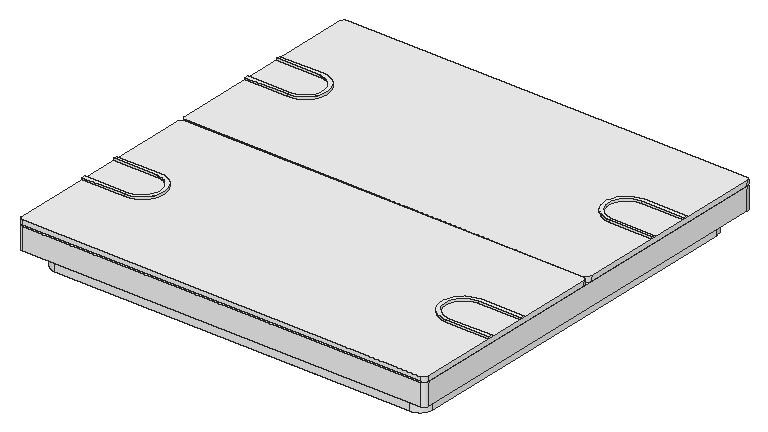
Revit family "Gira_5052028", category Electrical Fixtures, host Face, Revit 2017
Family settings
  Host = Face
  Maintain Annotation Orientation = No
  Round Connector Dimension = Use Diameter
  Part Type = Normal
  Cut with Voids When Loaded = No
  Shared = No
  Room Calculation Point = No
Parameters (values of type "PB sens.4 24 V 2-g TS4 anthra.")
  With room temperature controller = no
  With label area = no
  With display = no
  With anti-theft/dismantling protection = yes
  With IR sensor = no
  White = White
  URL = "https://www.gira.de/"
  Type Comments = ""
  Transparent = no
  Surface protection = "Sonstige (*de-DE)"
  Radio frequent bidirectional = no
  Number of buttons = 2
  Number of actuation points = 4
  Model = ""
  Material quality = "Sonstige (*de-DE)"
  Material = "Sonstige (*de-DE)"
  Manufacturer = "Gira"
  Keynote = ""
  HeinzeBIM = "https://www.heinze.de/bim/pb-sens-4-24-v-2-g-ts4-anthra-/c6cedf68bd3201011ad0d075855219cc759bf91d"
  HAN = "5052028"
  GTIN = "4010337074953"
  Description = ""
  Default Elevation = 1219.2 mm
  Cost = 0
  Colour = "anthracite"
  Bus connection included = no
  BIMSITE_PRODUCT_ID = "c6cedf68bd3201011ad0d075855219cc759bf91d"
  BIM = "https://media.live.bim.site/t/eyJhbGciOiJIUzI1NiIsInR5cCI6IkpXVCJ9.eyJjdCI6MSwidGYiOiJwdWJsaWMvZ2lyYS8wOWY1ZGI1LzQwXzUwMDEwMCBUUzQgMmZhY2gucmZhIiwiY2lkIjoiZmVkOThlOWEtMWJkOC00YzY4LWE3M2ItNzRhOTRlMzE1ODIzIiwicmlkIjoiOWNjNjBhMTRiNzY4MGQxOTlkNDQyM2VjYmQxMjhhOGQiLCJwaWQiOiJjNmNlZGY2OGJkMzIwMTAxMWFkMGQwNzU4NTUyMTljYzc1OWJmOTFkIiwic2lkIjoiNjM0NzAiLCJ1dCI6NSwibGMiOiJlbiIsImlhdCI6MTYwNzQ0MTQwNSwiaXNzIjoiaHR0cHM6Ly9hcGkubGl2ZS5iaW0uc2l0ZSIsInN1YiI6IjhkM2FhNWNiLWUwNjYtNDU5OC1iZTE2LTZlMTZlZTc0OTU2YSJ9.EopjrGAPaVSkiYqkc7qpD8FixjYz2qBXqFFK7ovhp08/40_500100 TS4 2fach.rfa"
  Assembly Code = ""
Reference planes
  plane 1 "Center (Front/Back)": y = 0
  plane 2: z = 0
  plane 3 "Center (Left/Right)": x = 0
Forms (mm)
  Extrusion 1, solid, material "White", detail levels fine
    sketch origin (0, 0, 0) x (1, 0, 0) y (0, 1, 0)
      loop
        line (25.45, 35.45) -> (-25.45, 35.45)
        arc (-25.45, 35.45) -> (-32.521, 32.521) -> (-35.45, 25.45) r 10
        line (-35.45, 25.45) -> (-35.45, -25.45)
        arc (-35.45, -25.45) -> (-32.521, -32.521) -> (-25.45, -35.45) r 10
        line (-25.45, -35.45) -> (25.45, -35.45)
        arc (25.45, -35.45) -> (32.521, -32.521) -> (35.45, -25.45) r 10
        line (35.45, -25.45) -> (35.45, 25.45)
        arc (35.45, 25.45) -> (32.521, 32.521) -> (25.45, 35.45) r 10
      loop
        arc (-31.325, 28.496) -> (-31.325, 25.668) -> (-28.496, 25.668) r 2
        line (-28.496, 25.668) -> (-25.668, 28.496)
        arc (-25.668, 28.496) -> (-25.668, 31.325) -> (-28.496, 31.325) r 2
        line (-28.496, 31.325) -> (-31.325, 28.496)
      loop
        arc (-28.496, -31.325) -> (-25.668, -31.325) -> (-25.668, -28.496) r 2
        line (-25.668, -28.496) -> (-28.496, -25.668)
        arc (-28.496, -25.668) -> (-31.325, -25.668) -> (-31.325, -28.496) r 2
        line (-31.325, -28.496) -> (-28.496, -31.325)
      loop
        line (31.325, 28.496) -> (28.496, 31.325)
        arc (28.496, 31.325) -> (25.668, 31.325) -> (25.668, 28.496) r 2
        line (25.668, 28.496) -> (28.496, 25.668)
        arc (28.496, 25.668) -> (31.325, 25.668) -> (31.325, 28.496) r 2
      loop
        line (28.496, -31.325) -> (31.325, -28.496)
        arc (31.325, -28.496) -> (31.325, -25.668) -> (28.496, -25.668) r 2
        line (28.496, -25.668) -> (25.668, -28.496)
        arc (25.668, -28.496) -> (25.668, -31.325) -> (28.496, -31.325) r 2
      loop
        line (-13.39, 22.831) -> (-22.831, 13.39) -> (-22.831, -13.39) -> (-13.39, -22.831) -> (13.39, -22.831) -> (22.831, -13.39) -> (22.831, 13.39) -> (13.39, 22.831) -> (-13.39, 22.831)
      loop
        arc (-1.681, 31.793) -> (-6.669, 29.581) -> (-1.417, 28.102) r 2.9
        arc (-1.417, 28.102) -> (2.178, 28.079) -> (5.741, 27.6) r 28.291
        arc (5.741, 27.6) -> (7.553, 29.282) -> (6.077, 31.265) r 1.851
        arc (6.077, 31.265) -> (2.215, 31.784) -> (-1.681, 31.793) r 29.64
      loop
        arc (1.681, -31.793) -> (6.669, -29.581) -> (1.417, -28.102) r 2.9
        arc (1.417, -28.102) -> (-2.178, -28.079) -> (-5.741, -27.6) r 28.291
        arc (-5.741, -27.6) -> (-7.553, -29.282) -> (-6.077, -31.265) r 1.851
        arc (-6.077, -31.265) -> (-2.215, -31.784) -> (1.681, -31.793) r 29.64
      loop
        arc (-31.793, -1.681) -> (-29.581, -6.669) -> (-28.102, -1.417) r 2.9
        arc (-28.102, -1.417) -> (-28.079, 2.178) -> (-27.6, 5.741) r 28.291
        arc (-27.6, 5.741) -> (-29.282, 7.553) -> (-31.265, 6.077) r 1.851
        arc (-31.265, 6.077) -> (-31.784, 2.215) -> (-31.793, -1.681) r 29.64
      loop
        arc (31.793, 1.681) -> (29.581, 6.669) -> (28.102, 1.417) r 2.9
        arc (28.102, 1.417) -> (28.079, -2.178) -> (27.6, -5.741) r 28.291
        arc (27.6, -5.741) -> (29.282, -7.553) -> (31.265, -6.077) r 1.851
        arc (31.265, -6.077) -> (31.784, -2.215) -> (31.793, 1.681) r 29.64
    from 0 to -1
  Extrusion 2, solid, material "White", detail levels medium+fine
    sketch origin (0, 0, 0) x (1, 0, 0) y (0, 1, 0)
      loop
        line (-22.831, 13.39) -> (-22.831, -13.39) -> (-13.39, -22.831) -> (13.39, -22.831) -> (22.831, -13.39) -> (22.831, 13.39) -> (13.39, 22.831) -> (-13.39, 22.831) -> (-22.831, 13.39)
    from 0 to -15.5
  Extrusion 3, solid, material "White", detail levels medium
    sketch origin (0, 0, 0) x (1, 0, 0) y (0, 1, 0)
      loop
        line (35.45, 35.45) -> (-35.45, 35.45) -> (-35.45, -35.45) -> (35.45, -35.45) -> (35.45, 35.45)
    from 0 to -1
  Extrusion 4, solid, material "White" <- "White", detail levels fine
    sketch origin (0, 0, 0) x (1, 0, 0) y (0, 1, 0)
      loop
        arc (-41.4, 44.4) -> (-43.521, 43.521) -> (-44.4, 41.4) r 3
        line (-44.4, 41.4) -> (-44.4, -41.4)
        arc (-44.4, -41.4) -> (-43.521, -43.521) -> (-41.4, -44.4) r 3
        line (-41.4, -44.4) -> (41.4, -44.4)
        arc (41.4, -44.4) -> (43.521, -43.521) -> (44.4, -41.4) r 3
        line (44.4, -41.4) -> (44.4, 41.4)
        arc (44.4, 41.4) -> (43.521, 43.521) -> (41.4, 44.4) r 3
        line (41.4, 44.4) -> (-41.4, 44.4)
      loop
        arc (-42.4, -41.4) -> (-42.107, -42.107) -> (-41.4, -42.4) r 1
        line (-41.4, -42.4) -> (41.4, -42.4)
        arc (41.4, -42.4) -> (42.107, -42.107) -> (42.4, -41.4) r 1
        line (42.4, -41.4) -> (42.4, 41.4)
        arc (42.4, 41.4) -> (42.107, 42.107) -> (41.4, 42.4) r 1
        line (41.4, 42.4) -> (-41.4, 42.4)
        arc (-41.4, 42.4) -> (-42.107, 42.107) -> (-42.4, 41.4) r 1
        line (-42.4, 41.4) -> (-42.4, -41.4)
    from 0 to 4
  Extrusion 5, solid, material "White" <- "White", detail levels medium
    sketch origin (0, 0, 0) x (1, 0, 0) y (0, 1, 0)
      loop
        line (-44.4, 44.4) -> (-44.4, -44.4) -> (44.4, -44.4) -> (44.4, 44.4) -> (-44.4, 44.4)
    from 0 to 4
  Extrusion 6, solid, material "White" <- "White", detail levels fine
    sketch origin (0, 0, 0) x (1, 0, 0) y (0, 1, 0)
      loop
        line (-46.5, -47.5) -> (46.5, -47.5)
        arc (46.5, -47.5) -> (47.207, -47.207) -> (47.5, -46.5) r 1
        line (47.5, -46.5) -> (47.5, 46.5)
        arc (47.5, 46.5) -> (47.207, 47.207) -> (46.5, 47.5) r 1
        line (46.5, 47.5) -> (-46.5, 47.5)
        arc (-46.5, 47.5) -> (-47.207, 47.207) -> (-47.5, 46.5) r 1
        line (-47.5, 46.5) -> (-47.5, -46.5)
        arc (-47.5, -46.5) -> (-47.207, -47.207) -> (-46.5, -47.5) r 1
    from 4 to 9
  Extrusion 7, solid, material "White" <- "White", detail levels medium
    sketch origin (0, 0, 0) x (1, 0, 0) y (0, 1, 0)
      loop
        line (-47.5, -47.5) -> (47.5, -47.5) -> (47.5, -0.2) -> (-47.5, -0.2) -> (-47.5, -47.5)
      loop
        line (47.5, 0.2) -> (47.5, 47.5) -> (-47.5, 47.5) -> (-47.5, 0.2) -> (47.5, 0.2)
    from 4 to 10.7
  Extrusion 8, solid, material "White" <- "White", detail levels fine
    sketch origin (0, 0, 0) x (1, 0, 0) y (0, 1, 0)
      loop
        line (-46.5, -47.5) -> (46.5, -47.5)
        arc (46.5, -47.5) -> (47.207, -47.207) -> (47.5, -46.5) r 1
        line (47.5, -46.5) -> (47.5, -1.2)
        arc (47.5, -1.2) -> (47.207, -0.493) -> (46.5, -0.2) r 1
        line (46.5, -0.2) -> (-46.5, -0.2)
        arc (-46.5, -0.2) -> (-47.207, -0.493) -> (-47.5, -1.2) r 1
        line (-47.5, -1.2) -> (-47.5, -46.5)
        arc (-47.5, -46.5) -> (-47.207, -47.207) -> (-46.5, -47.5) r 1
      loop
        line (47.5, 1.2) -> (47.5, 46.5)
        arc (47.5, 46.5) -> (47.207, 47.207) -> (46.5, 47.5) r 1
        line (46.5, 47.5) -> (-46.5, 47.5)
        arc (-46.5, 47.5) -> (-47.207, 47.207) -> (-47.5, 46.5) r 1
        line (-47.5, 46.5) -> (-47.5, 1.2)
        arc (-47.5, 1.2) -> (-47.207, 0.493) -> (-46.5, 0.2) r 1
        line (-46.5, 0.2) -> (46.5, 0.2)
        arc (46.5, 0.2) -> (47.207, 0.493) -> (47.5, 1.2) r 1
    from 9.3 to 10.3
  Extrusion 9, solid, material "White" <- "White", detail levels fine
    sketch origin (0, 0, 0) x (1, 0, 0) y (0, 1, 0)
      loop
        line (-37.5, 28.8) -> (-47.5, 28.8) -> (-47.5, 28) -> (-37.5, 28)
        arc (-37.5, 28) -> (-33.3, 23.8) -> (-37.5, 19.6) r 4.2
        line (-37.5, 19.6) -> (-47.5, 19.6) -> (-47.5, 18.8) -> (-37.5, 18.8)
        arc (-37.5, 18.8) -> (-32.5, 23.8) -> (-37.5, 28.8) r 5
      loop
        arc (37.5, 28.8) -> (32.5, 23.8) -> (37.5, 18.8) r 5
        line (37.5, 18.8) -> (47.5, 18.8) -> (47.5, 19.6) -> (37.5, 19.6)
        arc (37.5, 19.6) -> (33.3, 23.8) -> (37.5, 28) r 4.2
        line (37.5, 28) -> (47.5, 28) -> (47.5, 28.8) -> (37.5, 28.8)
      loop
        arc (-37.5, -28.8) -> (-32.5, -23.8) -> (-37.5, -18.8) r 5
        line (-37.5, -18.8) -> (-47.5, -18.8) -> (-47.5, -19.6) -> (-37.5, -19.6)
        arc (-37.5, -19.6) -> (-33.3, -23.8) -> (-37.5, -28) r 4.2
        line (-37.5, -28) -> (-47.5, -28) -> (-47.5, -28.8) -> (-37.5, -28.8)
      loop
        line (37.5, -28.8) -> (47.5, -28.8) -> (47.5, -28) -> (37.5, -28)
        arc (37.5, -28) -> (33.3, -23.8) -> (37.5, -19.6) r 4.2
        line (37.5, -19.6) -> (47.5, -19.6) -> (47.5, -18.8) -> (37.5, -18.8)
        arc (37.5, -18.8) -> (32.5, -23.8) -> (37.5, -28.8) r 5
    from 9.5 to 10.7
  Extrusion 10, solid, material "White" <- "White", detail levels coarse
    sketch origin (0, 0, 0) x (1, 0, 0) y (0, 1, 0)
      loop
        line (-47.5, -47.5) -> (47.5, -47.5) -> (47.5, 47.5) -> (-47.5, 47.5) -> (-47.5, -47.5)
    from -15.4 to 10.7
Lines and regions (mm)
  reference lines
    curve 1: line (0, 47.5, 0) -> (0, -47.5, 0)
    curve 2: line (-47.5, 0, 0) -> (47.5, 0, 0)
Dimensions and locks
  aligned and locked: plane 2 to host face
  aligned and locked: level to host face
Connectors
  electrical at (0, 0, -15.5)
    settings: on Extrusion 2, index 1, voltage 220 V, apparent load 0 VA, apparent load phase1 0 VA, apparent load phase2 0 VA, apparent load phase3 0 VA, power factor 1, load classification "Other", number of poles 1, system type 31, power factor state 1, is connector primary yes, connector utility no, sub classification motor no, connector description ""
